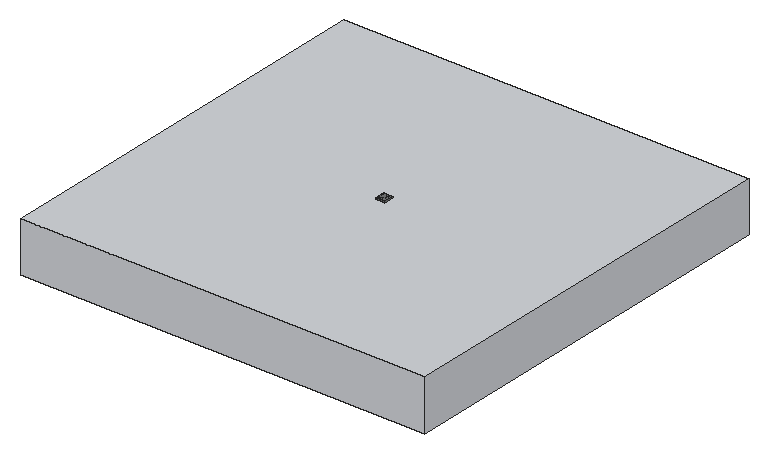
Revit family "Gira_220328", category Elektroinstallationen, Revit 2017
Family settings
  Basisbauteil = Fläche
  Beschriftungsausrichtung beibehalten = Nein
  Bemaßung runder Anschluss = Durchmesser verwenden
  Teiletyp = Normal
  Beim Laden mit Abzugskörper schneiden = Nein
  Gemeinsam genutzt = Nein
  Raumberechnungspunkt = Nein
Parameters (values of type "Rocker set 3-g in.sp. System 55 clear/p.white")
  With label area = no
  With heating = no
  With exchangeable lens/symbol = no
  With DCF77 = no
  Weather station = no
  Utilization = "Switch/push button"
  URL = "https://www.gira.de/"
  Typname = "Rocker set 3-g inscr. System 55 anthra.(lac.)"
  Type of fastening = "Clamp mounting"
  Transparent = no
  Surface protection = "Other"
  Surface finishing = "Not applicable"
  Suitable for touch sensor connector for bus system = no
  Suitable for degree of protection (IP) = "IP20"
  Scannable symbol / barrier free = no
  RAL-number (akin) = 9010
  Productwebsite = "http://katalog.gira.de/en/datenblatt.html?artikelnr=220328"
  Other bus systems = "None"
  Number of channels = 3
  Mounting method = "Flush mounted (plaster)"
  Monitoring window/light outlet = yes
  Model = "Single rocker"
  Material quality = "Other"
  Material = "Other"
  Imprint/indication = "Without imprint"
  Hersteller = "Gira"
  Halogen free = yes
  HAN = "220328"
  GTIN = "4010337012450"
  Degree of protection (IP) = "IP20"
  Data sheet = "https://katalog.gira.de/en/download.html?artikelnr=220328"
  Colour = "Anthracite"
  Bus system radio frequent = no
  Bus system Powernet = no
  Bus system LON = no
  Bus system KNX radio = no
  Bus system KNX = yes
  Bus connection included = no
  Beschreibung = "Rock.set 3g insc. Sys55 ANl,Rocker set, 3-gang inscribable,System 55,anthracite (lacquered),Notes :,- Inscribable rocker sets and rocker sets with inscription space can be provided with a customised inscription. The order is processed by the wholesaler specified during the rockers' order process.,- Inscribable rocker sets and rocker sets without inscription space are made of metal, which can lead to impairments to the range in wireless applications.,- This product can only be ordered via the Gira Inscription Service.,- Professional labelling with the Gira Inscription Service www.marking.gira.com."
  Keynote = ""
  Default Elevation = 1219.2 mm
  BIM = "https://media.stage.bim.site/public/gira/ad86d9f/Sys55_Abdeckung_Schalten%20und%20Tasten.rfa?public/gira/ad86d9f/Sys55_Abdeckung_Schalten und Tasten.rfa"
  Anthrazit [instance] = Anthrazit
  Analogue input = no
  Acoustic signal = yes
Types (2): name
  Rocker set 3-g in.sp. System 55 clear/p.white
  Sys55_Abdeckung_Schalten und Tasten
Reference planes
  plane 1 "Center (Front/Back)": y = 0
  plane 2: z = 0
  plane 3 "Center (Left/Right)": x = 0
Forms (mm)
  Extrusion 1, solid
    sketch origin (0, 0, 0) x (1, 0, 0) y (0, 1, 0)
      loop
        line (-1219.2, 1219.2) -> (-1219.2, -1219.2) -> (1219.2, -1219.2) -> (1219.2, 1219.2) -> (-1219.2, 1219.2)
    from 0 to -304.8
  Extrusion 2, solid, material "Anthrazit" <- "Anthrazit", detail levels fine
    sketch origin (0, 0, 0) x (1, 0, 0) y (0, 1, 0)
      loop
        line (-27.5, 27.5) -> (-27.5, -27.5) -> (27.5, -27.5) -> (27.5, 27.5) -> (-27.5, 27.5)
    from 0 to 8
  Extrusion 3, void
    sketch origin (0, 0, 0) x (1, 0, 0) y (0, 1, 0)
      loop
        line (26, 26) -> (-26, 26) -> (-26, -26) -> (26, -26) -> (26, 26)
    from 0 to 6
  Extrusion 4, solid, material "Anthrazit" <- "Anthrazit", detail levels medium
    sketch origin (0, 0, 0) x (1, 0, 0) y (0, 1, 0)
      loop
        line (-27.5, 27.5) -> (-27.5, -27.5) -> (27.5, -27.5) -> (27.5, 27.5) -> (-27.5, 27.5)
    from 0 to 8
  Extrusion 5, solid, material "Anthrazit" <- "Anthrazit", detail levels medium
    sketch origin (0, 0, 0) x (1, 0, 0) y (0, 1, 0)
      loop
        line (11, -17.5) -> (11, 17.5) -> (-11, 17.5) -> (-11, -17.5) -> (11, -17.5)
    from -6 to 6
  Extrusion 6, solid, material "Anthrazit" <- "Anthrazit", detail levels fine
    sketch origin (0, 0, 0) x (1, 0, 0) y (0, 1, 0)
      loop
        line (11, 17.5) -> (-11, 17.5) -> (-11, 16.5) -> (11, 16.5) -> (11, 17.5)
      loop
        line (-11, -16.5) -> (-11, -17.5) -> (11, -17.5) -> (11, -16.5) -> (-11, -16.5)
    from -4 to 6
  Extrusion 7, solid, material "Anthrazit" <- "Anthrazit", detail levels fine
    sketch origin (0, 0, 0) x (1, 0, 0) y (0, 1, 0)
      loop
        arc (5, 9.347) -> (0, 10.6) -> (-5, 9.347) r 10.6
        line (-5, 9.347) -> (-5, -9.347)
        arc (-5, -9.347) -> (0, -10.6) -> (5, -9.347) r 10.6
        line (5, -9.347) -> (5, 9.347)
    from -6 to 6
  Extrusion 8, solid, material "Anthrazit" <- "Anthrazit", detail levels coarse
    sketch origin (0, 0, 0) x (1, 0, 0) y (0, 1, 0)
      loop
        line (-27.5, 27.5) -> (-27.5, -27.5) -> (27.5, -27.5) -> (27.5, 27.5) -> (-27.5, 27.5)
    from -6 to 8
Cuts and joins
  Extrusion 3 cuts Extrusion 2
Dimensions and locks
  aligned and locked: plane 2 to Extrusion 1
  aligned and locked: level to Extrusion 1
